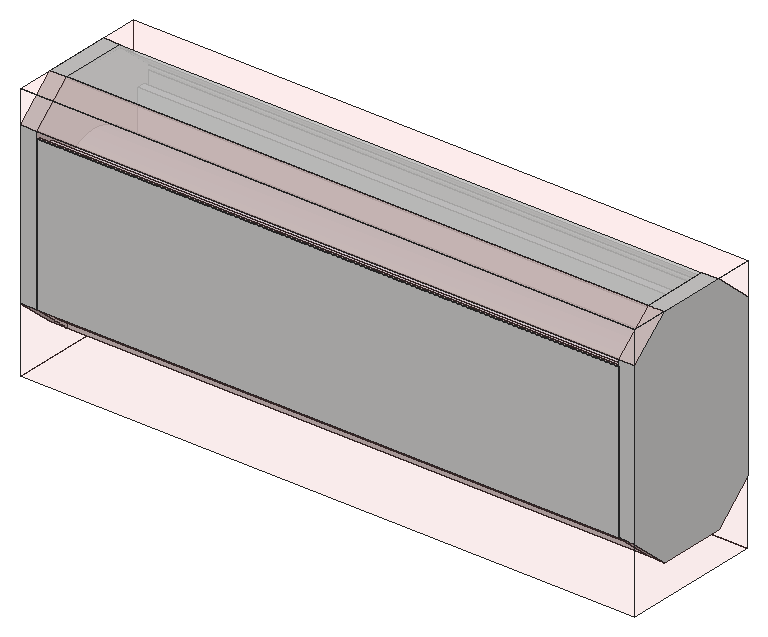
Revit family "Air-Curtain_Customer-Entry_PoweredAire_MP", category Mechanical Equipment, host Face, Revit 2025
Family settings
  Host = Face
  Round Connector Dimension = Use Diameter
  Part Type = Normal
  OmniClass Number = 23.75.35.17.21
  OmniClass Title = Air Curtains
  Cut with Voids When Loaded = No
  Maintain Annotation Orientation = No
  Shared = No
  Room Calculation Point = No
Parameters
  Warranty Duration (Years) = 0
  Unit Width Notes = "Other Widths available."  # constant formula
  Unit Width = 3' - 1"
  Unit Weight = 0
  Unit Height = 0' - 8 1/2"
  Unit Depth = 1' - 1 1/2"
  URL = "http://www.poweredaire.com/"
  Test Data = ""
  Standards Conformance = "as Specified"
  Specification = "http://www.arcat.com/sdspecs/htm04/23_34_33pai.htm"
  SpecWizard = ""
  Sound Pressure = "as Specified"
  Sales Information = "http://www.poweredaire.com/contact_us"
  Revision = "R1_2016-08"
  Projection from Host [instance] = 0' - 2"
  Product Properties = ""
  Product Data = "http://www.arcat.com/arcatcos/cos47/arc47623.html"
  Power Rating = 0 W
  Nozzle Width = if(1 = 1, Unit Width - 0' 2", 0' 0")  # 2' - 11"
  Mounting Width = if(1 = 1, Unit Width - 0' 1", 0' 0")  # 3' - 0"
  Mounting Height [instance] = 3' - 6"
  Motor RPM = 0
  Motor HP = 0
  Motor Count = 0
  Model = "As Specified"
  Max Height = 0' - 0"
  Manufacturer Website = "http://www.poweredaire.com/"
  Manufacturer Phone - Toll Free = "888-321-2473"
  Manufacturer Phone = "724-588-3305"
  Manufacturer Fax = "724-588-3371"
  Manufacturer Address = "109 Mortensen Rd.  Greenville, PA 16125"
  Manufacturer = "Powered Aire, Inc"
  Maintenance Schedule (Months) = 0
  Keynote = "23 34 33"
  Installation-Fabrication = ""
  Installation Phase = ""
  Include Clearance [instance] = yes
  Heating Element Load = 0 W
  HVAC_Temperature Rise = 0 °F
  HVAC_Outlet Volume = 0 CFM
  HVAC_Outlet Velocity Uniformity = 0
  HVAC_Outlet Velocity = 0 FPM
  Green Building-LEED = "http://www.arcat.com/green/clients/leed_data_47623.html"
  Front Grating Material [instance] = Metal - Steel - PoweredAire - Stainless 304 Perforated
  Frame Finish [instance] = Metal - Steel - PoweredAire - Stainless 304
  Expected Lifespan (Years) = 0
  Electrical_Wattage [instance] = Power Rating + Heating Element Load  # 0 W
  Electrical_Voltage [instance] = 0 V
  Electrical_Phase [instance] = 1
  Electrical_Frequency [instance] = 0 Hz
  Electrical_Amperage [instance] = 0 A
  Drawn By = "Sumex Design, Inc. / Robert S. Weygant, CSI, CDT, SCIP"
  Description = "Powered Aire Air Curtain as Specified"
  Default Elevation = 0' - 0"  # constant formula
  Copyright = "©Arcat Inc."
  Construction Details = "http://www.arcat.com/details/powair/prod3336.html"
  Clearance_Top [instance] = 0' - 0"
  Clearance_Side B [instance] = 0' - 0"
  Clearance_Side A [instance] = 0' - 0"
  Clearance_Intake [instance] = 0' - 0"
  Clearance_Bottom [instance] = 0' - 0"
  Clearance Material [instance] = ARCAT Clearance
  Building Codes = ""
  Available Options [instance] = "as Specified"
  Assembly Code = "D3090400"
Reference planes (in)
  plane 1 "Center (Elevation)": y = 0.13818
  plane 2: z = 0
  plane 3 "Center (Left/Right)": x = 0
  plane 4: y = 4.38818
  plane 5: y = -4.11182
  plane 6: x = -18.5
  plane 7: x = 18.5
  plane 8: z = 15.5
  plane 9 "FF": y = -41.86182
  plane 10: z = 2
  plane 11: x = 17.5
  plane 12: x = -17.5
  plane 13: y = 4.38818
  plane 14: y = -4.11182
  plane 15: x = -18.5
  plane 16: x = 18.5
  plane 17: z = 15.5
Forms (in)
  Extrusion 1, solid, material "Metal - Steel - PoweredAire - Stainless 304" <- "Frame Finish"
    sketch origin (0, 0, 0) x (0, 1, 0) y (0, 0, 1)
      loop
        line (2.13818, 2) -> (4.38818, 3.94454) -> (4.38818, 13.55546) -> (2.13818, 15.5) -> (-1.86182, 15.5) -> (-4.11182, 13.55546) -> (-4.11182, 3.94454) -> (-1.86182, 2) -> (2.13818, 2)
    from 17.5 to 18.5
  Extrusion 2, solid, material "Metal - Steel - PoweredAire - Stainless 304" <- "Frame Finish"
    sketch origin (0, 0, 0) x (0, 1, 0) y (0, 0, -1)
      loop
        line (2.13818, -2) -> (-1.86182, -2) -> (-4.11182, -3.94454) -> (-4.11182, -13.55546) -> (-1.86182, -15.5) -> (2.13818, -15.5) -> (4.38818, -13.55546) -> (4.38818, -3.94454) -> (2.13818, -2)
    from 17.5 to 18.5
  Extrusion 3, solid, material "Metal - Steel - PoweredAire - Stainless 304" <- "Frame Finish"
    sketch origin (0, 0, 0) x (0, 1, 0) y (0, 0, 1)
      loop
        line (-1.86182, 2) -> (2.13818, 2) -> (4.38818, 3.94454) -> (4.38818, 13.19454) -> (4.26318, 13.19454) -> (4.26318, 3.99632) -> (2.0979, 2.125) -> (-1.73682, 2.125) -> (-1.73682, 4.06954) -> (-3.98682, 4.06954) -> (-3.98682, 13.19454) -> (-4.11182, 13.19454) -> (-4.11182, 3.94454) -> (-1.86182, 3.94454) -> (-1.86182, 2)
      loop
        line (-3.39819, 3.61034) -> (-2.6202, 2.83235) -> (-2.49472, 2.95783) -> (-3.27271, 3.73583) -> (-3.39819, 3.61034)
    from -17.5 to 17.5
  Extrusion 4, solid, material "Metal - Steel - PoweredAire - Stainless 304 Perforated" <- "Front Grating Material"
    sketch origin (0, 0, 0) x (0, 1, 0) y (0, 0, 1)
      loop
        line (-4.11182, 13.19454) -> (-3.98682, 13.19454) -> (-3.98682, 13.50368) -> (-1.82155, 15.375) -> (2.0979, 15.375) -> (4.26318, 13.50368) -> (4.26318, 13.19454) -> (4.38818, 13.19454) -> (4.38818, 13.55546) -> (2.13818, 15.5) -> (-1.86182, 15.5) -> (-4.11182, 13.55546) -> (-4.11182, 13.19454)
    from -17.5 to 17.5
  Extrusion 5, solid, material "ARCAT Clearance" <- "Clearance Material", visible <- "Include Clearance"
    sketch origin (0, 0, 0) x (0, 1, 0) y (0, 0, 1)
      loop
        line (-4.11182, 15.5) -> (-4.11182, 0) -> (4.38818, 0) -> (4.38818, 15.5) -> (-4.11182, 15.5)
    from -18.5 to 18.5
  Extrusion 6, solid
    sketch origin (0, 0, 0) x (0, 1, 0) y (0, 0, 1)
      loop
        line (-3.59559, 12.66567) -> (-3.59559, 4.66567) -> (-3.09559, 4.66567) -> (-3.09559, 12.66567) -> (-3.59559, 12.66567)
      loop
        circle (0.13818, 9.1356) r 2.75
      loop
        line (3.87195, 12.66567) -> (3.37195, 12.66567) -> (3.37195, 4.66567) -> (3.87195, 4.66567) -> (3.87195, 12.66567)
    from -17.5 to 17.5
Dimensions and locks (in)
  equal spacing: plane 4, plane 1 "Center (Elevation)", plane 5
  "Unit Height": plane 4 to plane 5
  equal spacing: plane 6, plane 3 "Center (Left/Right)", plane 7
  "Unit Width": plane 6 to plane 7
  "Mounting Height": plane 1 "Center (Elevation)" to plane 9 "FF"
  "Projection from Host": plane 10 to level
  "Unit Depth": plane 8 to plane 10
  locked: plane 6 to plane 12 at 1
  locked: plane 11 to plane 7 at 1
  "Clearance_Side A": plane 7 to plane 16
  "Clearance_Side B": plane 15 to plane 6
  "Clearance_Top": plane 13 to plane 4
  "Clearance_Bottom": plane 5 to plane 14
  "Clearance_Intake": plane 17 to plane 8
  aligned and locked: plane 2 to host face
  aligned and locked: level to host face
  aligned and locked: plane 7 to Extrusion 1
  aligned and locked: Extrusion 1 to plane 11
  aligned and locked: plane 12 to Extrusion 2
  aligned and locked: Extrusion 2 to plane 6
  aligned and locked: plane 11 to Extrusion 3
  aligned and locked: Extrusion 3 to plane 12
  aligned and locked: plane 11 to Extrusion 4
  aligned and locked: Extrusion 4 to plane 12
  aligned and locked: Extrusion 5 sketch curve to plane 17
  aligned and locked: plane 14 to Extrusion 5 sketch curve
  aligned and locked: level to Extrusion 5 sketch curve
  aligned and locked: Extrusion 5 sketch curve to plane 13
  aligned and locked: plane 16 to Extrusion 5
  aligned and locked: Extrusion 5 to plane 15
  aligned and locked: plane 11 to Extrusion 6
  aligned and locked: Extrusion 6 to plane 12
Automatic sketch dimensions
  host sketch curve to host sketch curve = 8' - 0"  (x2)
  Extrusion 1 sketch curve to plane 5 = 0' - 0"
  Extrusion 1 sketch curve to plane 8 = 0' - 0"
  Extrusion 1 sketch curve to plane 4 = 0' - 0"
  plane 1 "Center (Elevation)" to Extrusion 1 sketch curve = 0' - 2"
  Extrusion 1 sketch curve to plane 1 "Center (Elevation)" = 0' - 2"  (x2)
  plane 10 to Extrusion 1 sketch curve = 0' - 1.94454"  (x2)
  Extrusion 1 sketch curve to plane 8 = 0' - 1.94454"  (x2)
  plane 5 to Extrusion 1 sketch curve = 0' - 2 1/4"
  Extrusion 1 sketch curve to plane 10 = 0' - 0"
  Extrusion 2 sketch curve to plane 5 = 0' - 0"
  Extrusion 2 sketch curve to plane 8 = 0' - 0"
  Extrusion 2 sketch curve to plane 10 = 0' - 0"
  Extrusion 2 sketch curve to plane 4 = 0' - 0"
  plane 1 "Center (Elevation)" to Extrusion 2 sketch curve = 0' - 2"
  Extrusion 2 sketch curve to plane 1 "Center (Elevation)" = 0' - 2"  (x2)
  Extrusion 2 sketch curve to plane 8 = 0' - 1.94454"  (x2)
  plane 10 to Extrusion 2 sketch curve = 0' - 1.94454"  (x2)
  plane 5 to Extrusion 2 sketch curve = 0' - 2 1/4"
  Extrusion 4 sketch curve to plane 5 = 0' - 0"
  Extrusion 4 sketch curve to plane 8 = 0' - 0"
  Extrusion 4 sketch curve to plane 4 = 0' - 0"
  plane 5 to Extrusion 4 sketch curve = 0' - 0 1/8"
  plane 1 "Center (Elevation)" to Extrusion 4 sketch curve = 0' - 2"
  Extrusion 4 sketch curve to Extrusion 4 sketch curve = 0' - 0.04027"  (x2)
  Extrusion 4 sketch curve to Extrusion 4 sketch curve = 0' - 0 1/8"
  Extrusion 4 sketch curve to plane 8 = 0' - 1.94454"  (x2)
  Extrusion 4 sketch curve to Extrusion 4 sketch curve = 0' - 0.05178"  (x2)
  Extrusion 4 sketch curve to Extrusion 4 sketch curve = 0' - 0.30914"  (x2)
  Extrusion 4 sketch curve to plane 8 = 0' - 0 1/8"
  Extrusion 4 sketch curve to plane 1 "Center (Elevation)" = 0' - 1.95973"
  Extrusion 3 sketch curve to plane 5 = 0' - 0"
  Extrusion 3 sketch curve to plane 4 = 0' - 0"
  plane 5 to Extrusion 3 sketch curve = 0' - 0 1/8"
  plane 5 to Extrusion 3 sketch curve = 0' - 0.71363"
  Extrusion 3 sketch curve to Extrusion 3 sketch curve = 0' - 0.12548"  (x2)
  Extrusion 3 sketch curve to Extrusion 3 sketch curve = 0' - 0.778"
  Extrusion 3 sketch curve to Extrusion 3 sketch curve = 0' - 0.63289"
  Extrusion 3 sketch curve to Extrusion 3 sketch curve = 0' - 0 1/8"  (x2)
  Extrusion 3 sketch curve to plane 4 = 0' - 0 1/8"
  plane 10 to Extrusion 3 sketch curve = 0' - 0.83235"
  Extrusion 3 sketch curve to Extrusion 3 sketch curve = 0' - 0.3342"
  plane 10 to Extrusion 3 sketch curve = 0' - 1.94454"
  Extrusion 3 sketch curve to Extrusion 3 sketch curve = 0' - 0.05178"
  Extrusion 3 sketch curve to plane 8 = 0' - 2.30546"  (x2)
  Extrusion 3 sketch curve to plane 1 "Center (Elevation)" = 0' - 2"
  plane 10 to Extrusion 3 sketch curve = 0' - 0 1/8"
  Extrusion 3 sketch curve to Extrusion 3 sketch curve = 0' - 0.04027"
  Extrusion 3 sketch curve to plane 10 = 0' - 0"
  Extrusion 6 sketch curve to plane 1 "Center (Elevation)" = 0' - 0"
  plane 5 to Extrusion 6 sketch curve = 0' - 1.01623"
  Extrusion 6 sketch curve to Extrusion 6 sketch curve = 0' - 0 1/2"  (x2)
  Extrusion 6 sketch curve to plane 4 = 0' - 1.01623"
  plane 10 to Extrusion 6 sketch curve = 0' - 2.66567"  (x2)
  Extrusion 6 sketch curve to Extrusion 6 sketch curve = 0' - 4.46993"
  Extrusion 6 sketch curve to plane 8 = 0' - 2.83433"  (x2)
  radius of Extrusion 6 sketch curve = 0' - 2 3/4"
Connectors (in)
  electrical at (0, 4.38818, 8.56954), driven by "Electrical_Phase", driven by "Electrical_Voltage"
    settings: on Extrusion 3, index 1, voltage 0 V, apparent load 0 VA, apparent load phase1 0 VA, apparent load phase2 0 VA, apparent load phase3 0 VA, power factor 1, load classification "Motor", number of poles 1, system type 31, power factor state 1, is connector primary yes, connector utility no, sub classification motor no, connector description ""
